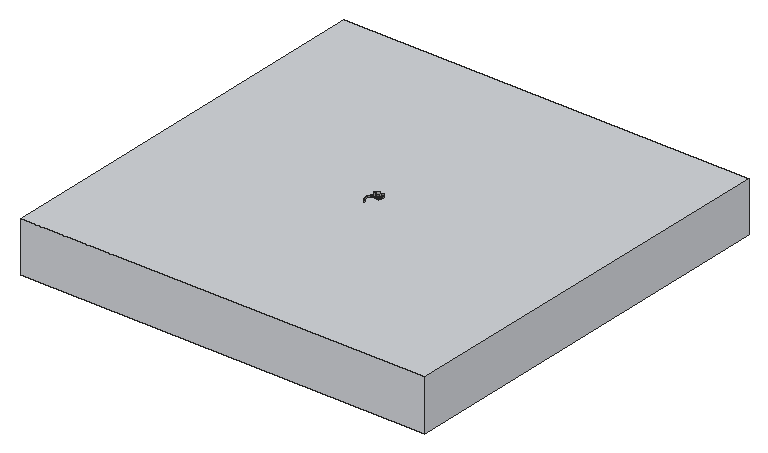
Revit family "2CKA006800A2514", category Elektroinstallationen, Revit 2017
Family settings
  Basisbauteil = Fläche
  Beschriftungsausrichtung beibehalten = Nein
  Bemaßung runder Anschluss = Durchmesser verwenden
  Teiletyp = Normal
  Beim Laden mit Abzugskörper schneiden = Nein
  Gemeinsam genutzt = Nein
  Raumberechnungspunkt = Nein
Parameters
  Default Elevation = 1219.2 mm
  URL = "https://www.busch-jaeger.de/"
  Typname = "Busch-Rauchalarm RF, Sicherheitstechnik, Busch-Rauchalarm ProfessionalLINE"
  TYPE = "6828"
  Produktseite = "https://media.live.bim.site/t/eyJhbGciOiJIUzI1NiIsInR5cCI6IkpXVCJ9.eyJjdCI6MiwidHUiOiJodHRwOi8vYnVzY2gtamFlZ2VyLWthdGFsb2cuZGUvNjgwMC0wLTI1MTQsYXJ0aWtlbC5odG1sIiwiY2lkIjoiZmVkOThlOWEtMWJkOC00YzY4LWE3M2ItNzRhOTRlMzE1ODIzIiwicmlkIjoiZTkyNWVlNjhmMzEyZDMwMTNhODlhNDc0MjVhMmUxYzIiLCJwaWQiOiJmZTExMGFlYTE3NTg3ZDMxZjM2ZTIxN2FhNzA0NTQ0YzRiYmE1OTgyIiwic2lkIjoiNjM3MzIiLCJ1dCI6MSwibGMiOiJkZSIsImlhdCI6MTU4MjE5NTgyNywiaXNzIjoiaHR0cHM6Ly9hcGkubGl2ZS5iaW0uc2l0ZSIsInN1YiI6ImY1ODZjNGI2LWE1MDgtNDI3YS05ODE4LTEzMTc5NjY1NzZiYyJ9.AGo5RzWOmHcVl0EMnSmTiG9eMeXd3YZ3zS3VfeT1M8U"
  Ist Zubehör = no
  Ist System = no
  Hersteller = "Busch-Jaeger"
  HeinzeBIM = "https://www.heinze.de/bim/busch-rauchalarm-rf-sicherheitstechnik-busch-rauchalarm-professionalline/fe110aea17587d31f36e217aa704544c4bba5982"
  HAN = "2CKA006800A2514"
  Gewicht [kg/m] = 0.26
  Gerätetiefe [mm] = 27
  Gerätehöhe [mm] = 36
  Gerätebreite [mm] = 59
  GTIN = "4011395137451"
  Datenblatt = "https://media.live.bim.site/t/eyJhbGciOiJIUzI1NiIsInR5cCI6IkpXVCJ9.eyJjdCI6MSwidGYiOiJwdWJsaWMvYnVzY2gtamFlZ2VyL2VhZjFmM2IvMkNLQTAwNjgwMEEyNTE0X1JPSFNfMjAxOV8xMF8wNy5wZGYiLCJjaWQiOiJmZWQ5OGU5YS0xYmQ4LTRjNjgtYTczYi03NGE5NGUzMTU4MjMiLCJyaWQiOiJlOTI1ZWU2OGYzMTJkMzAxM2E4OWE0NzQyNWEyZTFjMiIsInBpZCI6ImZlMTEwYWVhMTc1ODdkMzFmMzZlMjE3YWE3MDQ1NDRjNGJiYTU5ODIiLCJzaWQiOiI2MzczMiIsInV0IjoxLCJsYyI6ImRlIiwiaWF0IjoxNTgyMTk1ODI3LCJpc3MiOiJodHRwczovL2FwaS5saXZlLmJpbS5zaXRlIiwic3ViIjoiZjU4NmM0YjYtYTUwOC00MjdhLTk4MTgtMTMxNzk2NjU3NmJjIn0.f9mwzrj38vZ5e2iiaqDiQf2390sDUTNL_R5XqSESogE/2CKA006800A2514_ROHS_2019_10_07.pdf"
  Beschreibung = "Busch-Rauchalarm RF, Sicherheitstechnik, Busch-Rauchalarm ProfessionalLINE, Busch-Rauchalarm RF Funkmodul für den Einsatz im Busch-Rauchalarm/-Wärmealarm (6833/01-84 und 6835/01-84). Zur drahtlosen Vernetzung von bis zu 20 Funk-Teilnehmern. Nach VdS Richtlinie 3515 geprüft. Geeignet für die Anbindung des Busch-Rauchalarm/-Wärmealarm an externe Systeme wie Busch-free@home in Kombination mit dem Busch-free@homeAlarm-Stick. Mit fest eingebauter Lithiumbatterie. Batterielebensdauer mind. 10 Jahre. Funkfrequenz: 868 MHz Reichweite: max. 100 m im Freien, max. 30 m im Gebäude."
  BIMSITE_PRODUCT_ID = "fe110aea17587d31f36e217aa704544c4bba5982"
  BIM = "https://media.live.bim.site/t/eyJhbGciOiJIUzI1NiIsInR5cCI6IkpXVCJ9.eyJjdCI6MSwidGYiOiJwdWJsaWMvYnVzY2gtamFlZ2VyL2VhZjFmM2IvMkNLQTAwNjgwMEEyNTE0LnJmYSIsImNpZCI6ImZlZDk4ZTlhLTFiZDgtNGM2OC1hNzNiLTc0YTk0ZTMxNTgyMyIsInJpZCI6ImU5MjVlZTY4ZjMxMmQzMDEzYTg5YTQ3NDI1YTJlMWMyIiwicGlkIjoiZmUxMTBhZWExNzU4N2QzMWYzNmUyMTdhYTcwNDU0NGM0YmJhNTk4MiIsInNpZCI6IjYzNzMyIiwidXQiOjUsImxjIjoiZGUiLCJpYXQiOjE1ODIxOTU4MjcsImlzcyI6Imh0dHBzOi8vYXBpLmxpdmUuYmltLnNpdGUiLCJzdWIiOiJmNTg2YzRiNi1hNTA4LTQyN2EtOTgxOC0xMzE3OTY2NTc2YmMifQ.XgZ7_hBAXbUM8es5Gm41GybTs8bOOLm-x7cRA6HPpEU/2CKA006800A2514.rfa"
  Art des Zubehörs = "Funkmodul"
Reference planes
  plane 1 "Center (Front/Back)": y = 0
  plane 2: z = 0
  plane 3 "Center (Left/Right)": x = 0
Forms (mm)
  Extrusion 1, solid
    sketch origin (0, 0, 0) x (1, 0, 0) y (0, 1, 0)
      loop
        line (-1219.2, 1219.2) -> (-1219.2, -1219.2) -> (1219.2, -1219.2) -> (1219.2, 1219.2) -> (-1219.2, 1219.2)
    from 0 to -304.8
  Extrusion 2, solid, material "White", detail levels medium+fine
    sketch origin (0, 0, 0) x (1, 0, 0) y (0, 1, 0)
      loop
        arc (-34.196, 0) -> (-70.984, -35.736) -> (-56.34, -84.888) r 49.487
        line (-56.34, -84.888) -> (-53.653, -81.925)
        arc (-53.653, -81.925) -> (-68.416, -52.159) -> (-59, -20.294) r 45.487
        line (-59, -20.294) -> (-34.196, -20.294) -> (-34.196, 0)
    from 0 to 5
  Extrusion 3, solid, material "Green", detail levels fine
    sketch origin (0, 0, 0) x (1, 0, 0) y (0, 1, 0)
      loop
        line (0, 0) -> (-34.196, 0)
        arc (-34.196, 0) -> (-47.642, -5.255) -> (-59, -14.166) r 49.487
        line (-59, -14.166) -> (-59, -30) -> (-10.5, -30) -> (-10.5, -17.5) -> (0, -17.5) -> (0, 0)
    from 5 to 7
  Extrusion 4, solid, material "Default", detail levels fine
    sketch origin (0, 0, 0) x (1, 0, 0) y (0, 1, 0)
      loop
        line (-4, -5.25) -> (-4, -11.25) -> (-3, -11.25) -> (-3, -5.25) -> (-4, -5.25)
      loop
        line (-35.196, -5.25) -> (-35.196, -11.25) -> (-34.196, -11.25) -> (-34.196, -5.25) -> (-35.196, -5.25)
    from 7 to 20
  Extrusion 5, solid, material "White", detail levels fine
    sketch origin (0, 0, 0) x (1, 0, 0) y (0, 1, 0)
      loop
        circle (-41.489, -18.146) r 3.5
    from 7 to 27
  Extrusion 6, solid, material "Green", detail levels fine
    sketch origin (0, 0, 0) x (0, 1, 0) y (0, 0, 1)
      loop
        circle (-8.5, 17) r 8.5
    from -34.196 to -4
  Extrusion 7, solid, material "White", detail levels fine
    sketch origin (0, 0, 0) x (1, 0, 0) y (0, 1, 0)
      loop
        line (-22, -23.991) -> (-22, -26.991) -> (-14, -26.991) -> (-14, -23.991) -> (-22, -23.991)
    from 7 to 12.544
  Extrusion 8, solid, material "Green", detail levels medium
    sketch origin (0, 0, 0) x (1, 0, 0) y (0, 1, 0)
      loop
        line (0, 0) -> (-34.196, 0)
        arc (-34.196, 0) -> (-47.642, -5.255) -> (-59, -14.166) r 49.487
        line (-59, -14.166) -> (-59, -30) -> (-10.5, -30) -> (-10.5, -17.5) -> (0, -17.5) -> (0, 0)
    from 5 to 27
  Extrusion 9, solid, material "White", detail levels coarse
    sketch origin (0, 0, 0) x (1, 0, 0) y (0, 1, 0)
      loop
        line (0, 0) -> (-72.376, 0) -> (-72.376, -84.888) -> (0, -84.888) -> (0, 0)
    from 0 to 27
Lines and regions (mm)
  reference lines
    curve 1: line (-36.188, -84.888, 0) -> (-36.188, 0, 0)
Dimensions and locks
  aligned and locked: plane 2 to Extrusion 1
  aligned and locked: level to Extrusion 1
